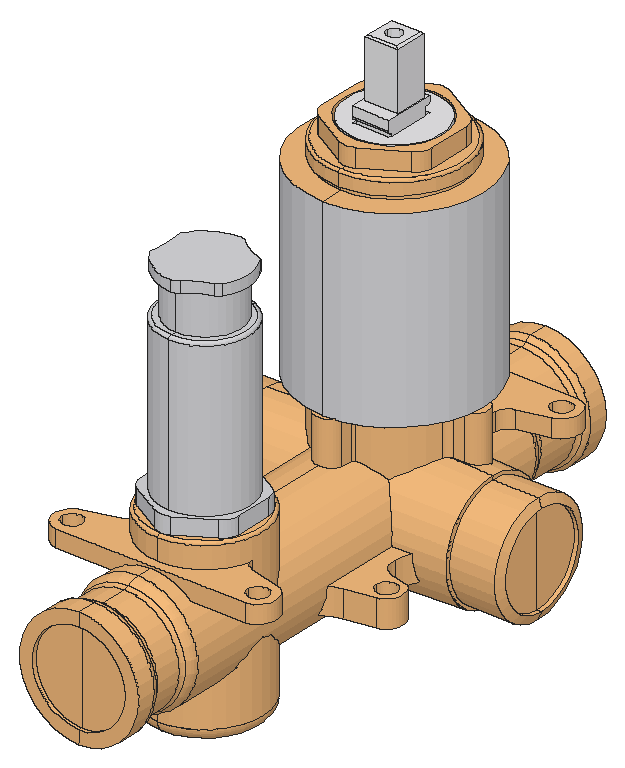
Revit family "Valve-Bath_and_Shower-KOHLER-KOHLER-K-882M", category Plumbing Fixtures, host Face, Revit 2017
Family settings
  Host = Face
  Round Connector Dimension = Use Diameter
  Part Type = Normal
  OmniClass Number = 23.27.31.00
  OmniClass Title = Valves
  Cut with Voids When Loaded = No
  Shared = No
  Room Calculation Point = No
Parameters (values of type "CP-Polished Chrome")
  Width = 3.46457"  # constant formula
  WaterSense Certified = 1 = 0  # no
  Waste Water Outlet = "Waste Water Outlet"  # constant formula
  Waste Connection = 1 = 0  # no
  Vent Connection = 1 = 0  # no
  URL = "https://la.kohler.com/en?country=MX"
  Tempered Water Outlet 2 = "Tempered Water Outlet 2"  # constant formula
  Tempered Water Outlet 1 = "Tempered Water Outlet 1"  # constant formula
  Product Page URL = "https://la.kohler.com/en/product-detail/882m?skuid=K-882M-CP"
  Product Name = "KOHLER"  # constant formula
  Product Documentation Link = "http://resources.kohler.com/plumbing/kohlerla/pdf/882SS.pdf"
  Pressure = 60.00 psi  # constant formula
  Model = "K-882M-CP"  # constant formula
  Material = "Solid Brass Construction"  # constant formula
  MasterFormat 2004 = "22.11.00"  # constant formula
  MasterFormat 1995 = "154300"  # constant formula
  Manufacturer Address = "444 Highland Dr, Kohler, WI 53044"  # constant formula
  Manufacturer = "KOHLER Co."  # constant formula
  Length = 5.3937"  # constant formula
  Hot Water Inlet = "Hot Water Inlet"  # constant formula
  Height = 6.29921"  # constant formula
  HW Connection = 1 = 1  # yes
  Flow Rate = 10.5 GPM  # constant formula
  Finish = Kohler-Metal-CP-Polished_Chrome
  Environmental Product Declaration = ""
  Description = "40mm bath and shower valve with diverter"  # constant formula
  Default Elevation = 36"
  Declare Label = ""
  Date Modified = "11/13/2020"  # constant formula
  Date Created = "11/13/2020"  # constant formula
  Copyright = "Copyright KOHLER Co."  # constant formula
  Contact Us = "https://la.kohler.com/en/contact-us-page"
  Cold Water Inlet = "Cold Water Inlet"  # constant formula
  CW Connection = 1 = 1  # yes
  Assembly Code = "D2020"
  ADA Compliant = 1 = 0  # no
Reference planes (in)
  plane 1 "Center (Front/Back)": y = 0
  plane 2: z = 0
  plane 3 "Center (Left/Right)": x = 0
  plane 4: z = -0.625
  plane 5: y = 2.04724
  plane 6: y = -4.25197
  plane 7: x = -1.73228
  plane 8: x = 1.73228
  plane 9: z = 2.64694
  plane 10: z = -2.74676
  plane 11: z = -0.20181
  plane 12: z = 0
  plane 13: y = -1.10236
  plane 14: y = -0.19685
Forms (in)
  Extrusion 1, void
    sketch origin (0, 0, 0) x (1, 0, 0) y (0, 1, 0)
      loop
        circle (0, 0) r 0.96457
      loop
        circle (-0.00072, -2.55906) r 0.5
    from -0.625 to 0
  Extrusion 2, void
    sketch origin (0, 0, 0) x (1, 0, 0) y (0, 1, 0)
      loop
        line (1.75197, 2.04724) -> (-1.75197, 2.04724) -> (-1.75197, -4.25197) -> (1.75197, -4.25197) -> (1.75197, 2.04724)
    from -2.74676 to -0.625
Dimensions and locks (in)
  host face to plane 4 = 5/8"
  "Height": plane 6 to plane 5
  "Width": plane 7 to plane 8
  "Length": plane 10 to plane 9
  equal spacing: plane 6, plane 13, plane 5
  aligned and locked: plane 2 to host face
  aligned and locked: level to host face
Automatic sketch dimensions
  host sketch curve to host sketch curve = 96"  (x2)
  plane 6 to Extrusion 2 sketch curve = 0"
  plane 5 to Extrusion 2 sketch curve = 0"
  Extrusion 2 sketch curve to plane 3 "Center (Left/Right)" = 1.75197"
  plane 3 "Center (Left/Right)" to Extrusion 2 sketch curve = 1.75197"
  plane 1 "Center (Front/Back)" to Extrusion 1 sketch curve = 0"
  Extrusion 1 sketch curve to plane 3 "Center (Left/Right)" = 0"
  Extrusion 1 sketch curve to plane 3 "Center (Left/Right)" = 0.00072"
  Extrusion 1 sketch curve to plane 6 = 1.69291"
  radius of Extrusion 1 sketch curve = 0.96457"
  radius of Extrusion 1 sketch curve = 1/2"
Nested families (in)
  nested 1: "K-882M" at (0, 0, -2.74676), type "K-882M"
Connectors (in)
  piping at (1.69543, -0.19685, -1.7428), diameter 0.5, driven by "Cold Water Inlet", driven by "Pressure", driven by "Flow Rate", driven by "CW Connection"
    settings: on nested 1, index 1, connector inside diameter 24", connector length 0", flow factor 0, pipe flow 10.5 GPM, pressure drop 60.00 psi, fitting loss kfactor 0, connector angle 0.00°, fixture units 0, engagement length 0", angle of deflection 0.00°, flow configuration 0, flow direction 1, fitting loss method 4, system type 20, joint type 0, gender type 0, connector reference index -1, connector utility 1, adjustable connector no, is connector primary yes, connector description "Cold Water Inlet"
  piping at (-1.69543, -0.19685, -1.7428), diameter 0.5, driven by "Hot Water Inlet", driven by "Flow Rate", driven by "Pressure", driven by "HW Connection"
    settings: on nested 1, index 2, connector inside diameter 24", connector length 0", flow factor 0, pipe flow 10.5 GPM, pressure drop 60.00 psi, fitting loss kfactor 0, connector angle 0.00°, fixture units 0, engagement length 0", angle of deflection 0.00°, flow configuration 1, flow direction 1, fitting loss method 4, system type 19, joint type 0, gender type 0, connector reference index -1, connector utility 1, adjustable connector no, is connector primary no, connector description "Hot Water Inlet"
  piping at (0, 2.00511, -1.72314), diameter 0.5, driven by "Flow Rate", driven by "Pressure", driven by "Tempered Water Outlet 1", driven by "HW Connection"
    settings: on nested 1, index 4, connector inside diameter 24", connector length 0", flow factor 0, pipe flow 10.5 GPM, pressure drop 60.00 psi, fitting loss kfactor 0, connector angle 0.00°, fixture units 0, engagement length 0", angle of deflection 0.00°, flow configuration 0, flow direction 2, fitting loss method 4, system type 19, joint type 0, gender type 0, connector reference index -1, connector utility 1, adjustable connector no, is connector primary no, connector description "Tempered Water Outlet 1"
  piping at (0, -4.21348, -1.72314), diameter 0.5, driven by "Tempered Water Outlet 2", driven by "HW Connection", driven by "Flow Rate", driven by "Pressure"
    settings: on nested 1, index 5, connector inside diameter 24", connector length 0", flow factor 0, pipe flow 10.5 GPM, pressure drop 60.00 psi, fitting loss kfactor 0, connector angle 0.00°, fixture units 0, engagement length 0", angle of deflection 0.00°, flow configuration 0, flow direction 2, fitting loss method 4, system type 19, joint type 0, gender type 0, connector reference index -1, connector utility 1, adjustable connector no, is connector primary no, connector description "Tempered Water Outlet 2"
Definition of nested family "K-882M"
  Parameters (values of type "K-882M")
    Material 1 = none
    Material = none
  Reference planes (in)
    plane 1 "Center (Front/Back)": y = 0
    plane 2: z = 0
    plane 3 "Center (Left/Right)": x = 0
    plane 4: y = 2.04724
    plane 5: y = -4.25197
    plane 6: z = 2.34189
    plane 7: z = 1.02362
    plane 8: z = 5.3937
    plane 9: y = -2.51969
    plane 10: x = 1.73228
    plane 11: x = -1.73228
    plane 12: y = -0.11811
    plane 13: z = 0
    plane 14: z = 2.74676
    plane 15: z = 2.74676
  Forms (in)
    Revolve 1, solid, material <- "Material", detail levels medium+fine
      sketch origin (0, 0, 0) x (0, 1, 0) y (0, 0, 1)
        loop
          arc (1.11258, 0.3827) -> (1.13799, 0.38805) -> (1.15908, 0.40319) r 0.06299
          arc (1.15908, 0.40319) -> (1.20241, 0.43432) -> (1.25462, 0.44531) r 0.12944
          line (1.25462, 0.44531) -> (1.72233, 0.44531)
          arc (1.72233, 0.44531) -> (1.75417, 0.43776) -> (1.77922, 0.4167) r 0.07087
          arc (1.77922, 0.4167) -> (1.80899, 0.39168) -> (1.84682, 0.3827) r 0.0842
          line (1.84682, 0.3827) -> (2.04724, 0.3827) -> (2.04724, 0.52362) -> (2.00511, 0.52362) -> (2.00511, 1.02362) -> (-4.21348, 1.02362) -> (-4.21348, 0.52362) -> (-4.25197, 0.52362) -> (-4.25197, 0.3827) -> (-4.04338, 0.3827)
          arc (-4.04338, 0.3827) -> (-4.01018, 0.39059) -> (-3.98409, 0.41259) r 0.07374
          arc (-3.98409, 0.41259) -> (-3.95762, 0.43491) -> (-3.92394, 0.44292) r 0.0748
          line (-3.92394, 0.44292) -> (-3.63294, 0.44292)
          arc (-3.63294, 0.44292) -> (-3.6039, 0.43817) -> (-3.5779, 0.42439) r 0.09099
          arc (-3.5779, 0.42439) -> (-3.5194, 0.3934) -> (-3.45407, 0.3827) r 0.20472
          line (-3.45407, 0.3827) -> (1.11258, 0.3827)
        axis (2.04724, 1.02362) -> (-4.25197, 1.02362)
      angle from 0 to 360
    Revolve 2, solid, material <- "Material", detail levels medium+fine
      sketch origin (0, -0.19685, 0.00383) x (1, 0, 0) y (0, 0, 1)
        loop
          line (-1.71359, 0.41058) -> (-1.22047, 0.41058) -> (-1.22047, 0.37356)
          arc (-1.22047, 0.37356) -> (-0.61061, 0.3416) -> (0, 0.33094) r 17.49619
          arc (0, 0.33094) -> (0.61061, 0.3416) -> (1.22047, 0.37356) r 17.49619
          line (1.22047, 0.37356) -> (1.22047, 0.41058) -> (1.71359, 0.41058) -> (1.75197, 0.50013) -> (1.69543, 0.50013) -> (1.69543, 1.00013) -> (0, 1.00013) -> (-1.69543, 1.00013) -> (-1.69543, 0.50013) -> (-1.75197, 0.50013) -> (-1.71359, 0.41058)
        axis (1.75197, 1.00013) -> (-1.75197, 1.00013)
      angle from 0 to 360
    Revolve 3, solid, material <- "Material", detail levels medium+fine
      sketch origin (0, 0, 0) x (0, 1, 0) y (0, 0, 1)
        loop
          line (-0.96457, 2.12176) -> (0, 2.12176) -> (0, 4.39777) -> (-0.72297, 4.39777)
          arc (-0.72297, 4.39777) -> (-0.74219, 4.38981) -> (-0.75015, 4.37059) r 0.02718
          line (-0.75015, 4.37059) -> (-0.75015, 4.24071) -> (-0.71606, 4.24071) -> (-0.71606, 4.18911) -> (-0.96457, 4.18911) -> (-0.96457, 2.12176)
        axis (0, 2.12176) -> (0, 4.39777)
      angle from 0 to 360
    Extrusion 4, solid, material <- "Material", detail levels medium+fine
      sketch origin (0, 0, 0) x (1, 0, 0) y (0, 1, 0)
        loop
          arc (-0.09055, -0.62963) -> (0, -0.65389) -> (0.09055, -0.62963) r 0.1811
          line (0.09055, -0.62963) -> (0.5, -0.39323)
          arc (0.5, -0.39323) -> (0.56629, -0.32695) -> (0.59055, -0.2364) r 0.1811
          line (0.59055, -0.2364) -> (0.59055, 0.2364)
          arc (0.59055, 0.2364) -> (0.56629, 0.32695) -> (0.5, 0.39323) r 0.1811
          line (0.5, 0.39323) -> (0.09055, 0.62963)
          arc (0.09055, 0.62963) -> (0, 0.65389) -> (-0.09055, 0.62963) r 0.1811
          line (-0.09055, 0.62963) -> (-0.5, 0.39323)
          arc (-0.5, 0.39323) -> (-0.56629, 0.32695) -> (-0.59055, 0.2364) r 0.1811
          line (-0.59055, 0.2364) -> (-0.59055, -0.23542)
          arc (-0.59055, -0.23542) -> (-0.56606, -0.32682) -> (-0.49915, -0.39372) r 0.18279
          line (-0.49915, -0.39372) -> (-0.09055, -0.62963)
        loop
          circle (0, 0) r 0.52762
      from 4.39777 to 4.59462
    Extrusion 5, solid, material <- "Material", detail levels medium+fine
      sketch origin (0, 0, 0) x (1, 0, 0) y (0, 1, 0)
        loop
          line (-0.53024, -2.35335) -> (-0.53024, -2.76466)
          arc (-0.53024, -2.76466) -> (-0.50701, -2.85137) -> (-0.44354, -2.91483) r 0.1734
          line (-0.44354, -2.91483) -> (-0.08733, -3.12049)
          arc (-0.08733, -3.12049) -> (-0.00072, -3.1437) -> (0.0859, -3.12049) r 0.17323
          line (0.0859, -3.12049) -> (0.4422, -2.91478)
          arc (0.4422, -2.91478) -> (0.5056, -2.85138) -> (0.52881, -2.76476) r 0.17323
          line (0.52881, -2.76476) -> (0.52881, -2.35335)
          arc (0.52881, -2.35335) -> (0.5056, -2.26673) -> (0.4422, -2.20333) r 0.17323
          line (0.4422, -2.20333) -> (0.0859, -1.99762)
          arc (0.0859, -1.99762) -> (-0.00072, -1.97441) -> (-0.08733, -1.99762) r 0.17323
          line (-0.08733, -1.99762) -> (-0.44363, -2.20333)
          arc (-0.44363, -2.20333) -> (-0.50704, -2.26673) -> (-0.53024, -2.35335) r 0.17323
      from 1.94501 to 2.12176
    Revolve 6, solid, material <- "Material", detail levels medium+fine
      sketch origin (0, 0, 0) x (0, 1, 0) y (0, 0, 1)
        loop
          line (-2.55906, 0) -> (-2.06588, 0)
          arc (-2.06588, 0) -> (-1.9694, 0.03996) -> (-1.92944, 0.13645) r 0.13645
          line (-1.92944, 0.13645) -> (-1.92944, 1.91474)
          arc (-1.92944, 1.91474) -> (-1.93834, 1.93624) -> (-1.95984, 1.94514) r 0.0304
          line (-1.95984, 1.94514) -> (-2.07556, 1.94514) -> (-2.07556, 3.76131)
          arc (-2.07556, 3.76131) -> (-2.08541, 3.78509) -> (-2.10919, 3.79494) r 0.03363
          line (-2.10919, 3.79494) -> (-2.17238, 3.79494) -> (-2.17238, 4.22989) -> (-2.55906, 4.22989) -> (-2.55906, 0)
        axis (-2.55906, 0) -> (-2.55906, 4.22989)
      angle from 0 to 360
    Extrusion 7, solid, material <- "Material", detail levels medium+fine
      sketch origin (0, 0, 0) x (1, 0, 0) y (0, 1, 0)
        loop
          arc (-0.42645, -2.70965) -> (-0.42642, -2.74906) -> (-0.41243, -2.7859) r 0.10941
          arc (-0.41243, -2.7859) -> (-0.23298, -2.96206) -> (0.00904, -3.03034) r 0.50706
          arc (0.00904, -3.03034) -> (0.04843, -3.02351) -> (0.08222, -3.00213) r 0.10255
          arc (0.08222, -3.00213) -> (0.20357, -2.91174) -> (0.34296, -2.85285) r 0.63082
          arc (0.34296, -2.85285) -> (0.37297, -2.83808) -> (0.39595, -2.81377) r 0.09449
          arc (0.39595, -2.81377) -> (0.47201, -2.5587) -> (0.39595, -2.30363) r 0.46575
          arc (0.39595, -2.30363) -> (0.37297, -2.27933) -> (0.34296, -2.26456) r 0.09449
          arc (0.34296, -2.26456) -> (0.20357, -2.20567) -> (0.08222, -2.11528) r 0.63082
          arc (0.08222, -2.11528) -> (0.04843, -2.0939) -> (0.00904, -2.08706) r 0.10255
          arc (0.00904, -2.08706) -> (-0.23298, -2.15534) -> (-0.41243, -2.3315) r 0.50706
          arc (-0.41243, -2.3315) -> (-0.42642, -2.36834) -> (-0.42645, -2.40776) r 0.10941
          arc (-0.42645, -2.40776) -> (-0.41281, -2.5587) -> (-0.42645, -2.70965) r 0.84182
      from 4.22989 to 4.34285
    Extrusion 8, solid, material <- "Material", detail levels medium+fine
      sketch origin (0, 0, 0) x (1, 0, 0) y (0, 1, 0)
        loop
          arc (-0.71199, -0.23624) -> (-0.51227, -0.548) -> (-0.18776, -0.72628) r 0.75015
          arc (-0.18776, -0.72628) -> (-0.17256, -0.74119) -> (-0.16542, -0.76125) r 0.04743
          line (-0.16542, -0.76125) -> (-0.15054, -0.88925)
          arc (-0.15054, -0.88925) -> (-0.00115, -1.01892) -> (0.14148, -0.88185) r 0.14666
          line (0.14148, -0.88185) -> (0.14876, -0.77012)
          arc (0.14876, -0.77012) -> (0.15259, -0.75056) -> (0.16127, -0.73261) r 0.07785
          arc (0.16127, -0.73261) -> (0.50224, -0.55722) -> (0.71199, -0.23624) r 0.75015
          arc (0.71199, -0.23624) -> (0.73828, -0.19914) -> (0.78081, -0.18307) r 0.07785
          line (0.78081, -0.18307) -> (0.9034, -0.17508)
          arc (0.9034, -0.17508) -> (1.03954, -0.0334) -> (0.91074, 0.11498) r 0.14567
          line (0.91074, 0.11498) -> (0.77194, 0.13111)
          arc (0.77194, 0.13111) -> (0.74577, 0.1429) -> (0.73118, 0.16763) r 0.04743
          arc (0.73118, 0.16763) -> (0.53872, 0.52202) -> (0.19056, 0.72555) r 0.75015
          arc (0.19056, 0.72555) -> (0.16126, 0.75207) -> (0.14876, 0.78957) r 0.07785
          line (0.14876, 0.78957) -> (0.14077, 0.91215)
          arc (0.14077, 0.91215) -> (-0.0009, 1.0483) -> (-0.14928, 0.9195) r 0.14567
          line (-0.14928, 0.9195) -> (-0.16542, 0.7807)
          arc (-0.16542, 0.7807) -> (-0.18097, 0.74298) -> (-0.21397, 0.71899) r 0.07499
          arc (-0.21397, 0.71899) -> (-0.54711, 0.51322) -> (-0.73118, 0.16763) r 0.75015
          arc (-0.73118, 0.16763) -> (-0.74577, 0.1429) -> (-0.77194, 0.13111) r 0.04743
          line (-0.77194, 0.13111) -> (-0.91074, 0.11498)
          arc (-0.91074, 0.11498) -> (-1.03954, -0.0334) -> (-0.9034, -0.17508) r 0.14567
          line (-0.9034, -0.17508) -> (-0.78081, -0.18307)
          arc (-0.78081, -0.18307) -> (-0.73828, -0.19914) -> (-0.71199, -0.23624) r 0.07785
      from 1.23934 to 2.12176
    Extrusion 9, solid, detail levels medium+fine
      sketch origin (0, 0, 0) x (1, 0, 0) y (0, 1, 0)
        loop
          line (-0.17717, -0.17717) -> (0.17717, -0.17717) -> (0.17717, 0.17717) -> (-0.17717, 0.17717) -> (-0.17717, -0.17717)
      from 4.39777 to 5.37031
    Blend 10, solid, detail levels medium+fine
      base sketch origin (0, 0, 0) x (1, 0, 0) y (0, 1, 0)
        loop
          line (0.17717, -0.17717) -> (0.17717, 0.17717) -> (-0.17717, 0.17717) -> (-0.17717, -0.17717) -> (0.17717, -0.17717)
      top sketch origin (0, 0, 0) x (1, 0, 0) y (0, 1, 0)
        loop
          line (0.15748, -0.15748) -> (0.15748, 0.15748) -> (-0.15748, 0.15748) -> (-0.15748, -0.15748) -> (0.15748, -0.15748)
      from 5.37031 to 5.3937
    Extrusion 11, void
      sketch origin (0, 0, 0) x (1, 0, 0) y (0, 1, 0)
        loop
          circle (0, 0) r 0.0825
      from 4.8642 to 5.46591
    Extrusion 12, solid, detail levels medium+fine
      sketch origin (0, 0, 0) x (0, 1, 0) y (0, 0, 1)
        loop
          line (0.22835, 4.75997) -> (-0.3189, 4.75997) -> (-0.3189, 4.65171)
          arc (-0.3189, 4.65171) -> (-0.31255, 4.63637) -> (-0.29721, 4.63002) r 0.02169
          arc (-0.29721, 4.63002) -> (-0.2831, 4.62372) -> (-0.27837, 4.60901) r 0.01895
          line (-0.27837, 4.60901) -> (-0.27837, 4.38317) -> (0.16535, 4.38317) -> (0.16535, 4.68123) -> (0.20219, 4.68123)
          arc (0.20219, 4.68123) -> (0.22069, 4.68889) -> (0.22835, 4.70739) r 0.02616
          line (0.22835, 4.70739) -> (0.22835, 4.75997)
      from -0.19685 to 0.19685
    Extrusion 13, solid, material <- "Material", detail levels medium+fine
      sketch origin (0, 0, 0) x (1, 0, 0) y (0, 1, 0)
        loop
          line (-0.70543, -2.80677) -> (-1.05419, -2.90022)
          arc (-1.05419, -2.90022) -> (-1.19948, -3.1059) -> (-1.02365, -3.28616) r 0.19685
          arc (-1.02365, -3.28616) -> (0, -3.33934) -> (1.02365, -3.28616) r 9.87756
          arc (1.02365, -3.28616) -> (1.19948, -3.1059) -> (1.05419, -2.90022) r 0.19685
          line (1.05419, -2.90022) -> (0.70543, -2.80677)
          arc (0.70543, -2.80677) -> (0.64168, -2.7651) -> (0.61504, -2.69374) r 0.12208
          line (0.61504, -2.69374) -> (0, -2.69374) -> (-0.61504, -2.69374)
          arc (-0.61504, -2.69374) -> (-0.64168, -2.7651) -> (-0.70543, -2.80677) r 0.12208
        loop
          circle (-1.00394, -3.09055) r 0.11001
        loop
          circle (1.00394, -3.09055) r 0.11001
        loop
          arc (-0.72617, 0.72495) -> (-0.64711, 0.67212) -> (-0.61655, 0.58209) r 0.1479
          line (-0.61655, 0.58209) -> (-0.61655, 0.13899) -> (0.61655, 0.13899) -> (0.61655, 0.59039)
          arc (0.61655, 0.59039) -> (0.64487, 0.67384) -> (0.71815, 0.7228) r 0.13708
          line (0.71815, 0.7228) -> (1.05419, 0.81284)
          arc (1.05419, 0.81284) -> (1.19948, 1.01852) -> (1.02365, 1.19878) r 0.19685
          arc (1.02365, 1.19878) -> (0, 1.25196) -> (-1.02365, 1.19878) r 9.87756
          arc (-1.02365, 1.19878) -> (-1.19948, 1.01852) -> (-1.05419, 0.81284) r 0.19685
          line (-1.05419, 0.81284) -> (-0.72617, 0.72495)
        loop
          circle (-1.00394, 1.00317) r 0.11001
        loop
          circle (1.00394, 1.00317) r 0.11001
      from 1.49856 to 1.68911
    Extrusion 14, solid, material <- "Material", detail levels medium+fine
      sketch origin (0, 0, 0) x (1, 0, 0) y (0, 1, 0)
        loop
          arc (-0.77809, -1.66714) -> (-0.62886, -1.7196) -> (-0.50438, -1.8172) r 0.48594
          line (-0.50438, -1.8172) -> (0, -1.8172) -> (0.50438, -1.8172)
          arc (0.50438, -1.8172) -> (0.62886, -1.7196) -> (0.77809, -1.66714) r 0.48594
          line (0.77809, -1.66714) -> (1.09579, -1.61112)
          arc (1.09579, -1.61112) -> (1.24189, -1.43701) -> (1.09579, -1.26289) r 0.1768
          line (1.09579, -1.26289) -> (0.99504, -1.24513)
          arc (0.99504, -1.24513) -> (0.86168, -1.16512) -> (0.81591, -1.01649) r 0.21736
          arc (0.81591, -1.01649) -> (0.85675, -0.83808) -> (0.95095, -0.68116) r 0.58217
          line (0.95095, -0.68116) -> (0.95095, -0.58717) -> (0, -0.58717) -> (-0.95095, -0.58717) -> (-0.95095, -0.68116)
          arc (-0.95095, -0.68116) -> (-0.85675, -0.83808) -> (-0.81591, -1.01649) r 0.58217
          arc (-0.81591, -1.01649) -> (-0.86168, -1.16512) -> (-0.99504, -1.24513) r 0.21736
          line (-0.99504, -1.24513) -> (-1.09579, -1.26289)
          arc (-1.09579, -1.26289) -> (-1.24189, -1.43701) -> (-1.09579, -1.61112) r 0.1768
          line (-1.09579, -1.61112) -> (-0.77809, -1.66714)
        loop
          circle (-1.06509, -1.43701) r 0.11167
        loop
          circle (1.06509, -1.43701) r 0.11167
      from 0.73663 to 1.02835
    Extrusion 15, solid, detail levels medium+fine
      sketch origin (0, 0, 0) x (1, 0, 0) y (0, 1, 0)
        loop
          circle (0, 0) r 0.50632
        loop
          line (0.19685, -0.3189) -> (0.19685, 0.22835) -> (-0.19685, 0.22835) -> (-0.19685, -0.3189) -> (0.19685, -0.3189)
      from 4.39777 to 4.59462
    Extrusion 16, solid, material <- "Material", detail levels coarse
      sketch origin (0, 0, 0) x (1, 0, 0) y (0, 0, 1)
        loop
          circle (0, 1.02362) r 0.71646
      from -2.04724 to 4.25197
    Extrusion 17, solid, material <- "Material", detail levels coarse
      sketch origin (0, 0, 0) x (0, 1, 0) y (0, 0, 1)
        loop
          circle (-0.19685, 1.00396) r 0.62657
      from -1.75197 to 1.75197
    Revolve 18, solid, material <- "Material", detail levels coarse
      sketch origin (0, 0, 0) x (0, 1, 0) y (0, 0, 1)
        loop
          line (-0.96457, 2.02017) -> (-0.73261, 2.02017) -> (-0.73261, 1.52982) -> (0, 1.52982) -> (0, 4.59462) -> (-0.64182, 4.59462) -> (-0.64182, 4.38596) -> (-0.76772, 4.38596) -> (-0.76772, 4.18911) -> (-0.96457, 4.18911) -> (-0.96457, 2.02017)
        axis (0, 4.59462) -> (0, 1.52982)
      angle from 0 to 360
    Extrusion 19, solid, material <- "Material", detail levels coarse
      sketch origin (0, 0, 0) x (1, 0, 0) y (0, 1, 0)
        loop
          circle (0, -2.55906) r 0.64665
      from 1.02231 to 4.34285
    Extrusion 20, solid, material <- "Material", detail levels coarse
      sketch origin (0, 0, 0) x (1, 0, 0) y (0, 1, 0)
        loop
          line (-0.19685, -0.3189) -> (0.19685, -0.3189) -> (0.19685, 0.22835) -> (-0.19685, 0.22835) -> (-0.19685, -0.3189)
      from 4.59462 to 5.3937
    Extrusion 21, solid, material <- "Material", detail levels coarse
      sketch origin (0, 0, -2.3622) x (1, 0, 0) y (0, 1, 0)
        loop
          circle (0, -2.55906) r 0.64665
      from 2.36812 to 3.39056
  Cuts and joins
    Extrusion 11 cuts Extrusion 9
    Extrusion 11 cuts Blend 10
    joined: Extrusion 9, Blend 10
    joined: Extrusion 16, Extrusion 17, Revolve 18, Extrusion 19, Extrusion 20, Extrusion 21
  Lines and regions (in)
    Masking region 1
      outline origin (0, 0, 0) x (1, 0, 0) y (0, 1, 0)
        loop
          circle (0, 0) r 0.75015
        loop
          line (0.4422, -2.20333) -> (0.0859, -1.99762)
          arc (0.0859, -1.99762) -> (-0.00072, -1.97441) -> (-0.08733, -1.99762) r 0.17323
          line (-0.08733, -1.99762) -> (-0.44363, -2.20333)
          arc (-0.44363, -2.20333) -> (-0.50704, -2.26673) -> (-0.53024, -2.35335) r 0.17323
          line (-0.53024, -2.35335) -> (-0.53024, -2.76466)
          arc (-0.53024, -2.76466) -> (-0.50701, -2.85137) -> (-0.44354, -2.91483) r 0.1734
          line (-0.44354, -2.91483) -> (-0.08733, -3.12049)
          arc (-0.08733, -3.12049) -> (-0.00072, -3.1437) -> (0.0859, -3.12049) r 0.17323
          line (0.0859, -3.12049) -> (0.4422, -2.91478)
          arc (0.4422, -2.91478) -> (0.5056, -2.85138) -> (0.52881, -2.76476) r 0.17323
          line (0.52881, -2.76476) -> (0.52881, -2.35335)
          arc (0.52881, -2.35335) -> (0.5056, -2.26673) -> (0.4422, -2.20333) r 0.17323
    Masking region 2
      outline origin (0, 0, 0) x (1, 0, 0) y (0, 0, 1)
        loop
          line (0, 5.3937) -> (-0.15748, 5.3937) -> (-0.17937, 5.36761) -> (-0.17937, 4.75997) -> (-0.2108, 4.75997) -> (-0.2108, 4.59462) -> (-0.59055, 4.59462) -> (-0.59055, 4.39777) -> (-0.7212, 4.39777)
          arc (-0.7212, 4.39777) -> (-0.74167, 4.38929) -> (-0.75015, 4.36882) r 0.02895
          line (-0.75015, 4.36882) -> (-0.75015, 4.24071) -> (-0.71606, 4.24071) -> (-0.71606, 4.18911) -> (-0.96377, 4.18911) -> (-0.96377, 2.74676) -> (0.96377, 2.74676) -> (0.96377, 4.18911) -> (0.71606, 4.18911) -> (0.71606, 4.24071) -> (0.75015, 4.24071) -> (0.75015, 4.36882)
          arc (0.75015, 4.36882) -> (0.74167, 4.38929) -> (0.7212, 4.39777) r 0.02895
          line (0.7212, 4.39777) -> (0.59055, 4.39777) -> (0.59055, 4.59462) -> (0.2108, 4.59462) -> (0.2108, 4.75997) -> (0.17937, 4.75997) -> (0.17937, 5.36761) -> (0.15748, 5.3937) -> (0, 5.3937)
    Masking region 3
      outline origin (0, 0, 0) x (0, 1, 0) y (0, 0, 1)
        loop
          line (2.04724, 0.3827) -> (2.04724, 1.66455) -> (1.85039, 1.66455)
          arc (1.85039, 1.66455) -> (1.80891, 1.65421) -> (1.77714, 1.6256) r 0.08836
          arc (1.77714, 1.6256) -> (1.75389, 1.60585) -> (1.72376, 1.60105) r 0.05656
          line (1.72376, 1.60105) -> (1.25296, 1.60105) -> (1.25296, 1.68911) -> (1.04858, 1.68911) -> (1.04858, 2.12176) -> (0.96457, 2.12176) -> (0.96457, 4.18911) -> (0.71606, 4.18911) -> (0.71606, 4.24071) -> (0.75015, 4.24071) -> (0.75015, 4.37082)
          arc (0.75015, 4.37082) -> (0.74226, 4.38988) -> (0.7232, 4.39777) r 0.02695
          line (0.7232, 4.39777) -> (0.65389, 4.39777) -> (0.65389, 4.59462) -> (0.17717, 4.59462) -> (0.17717, 4.68123) -> (0.20835, 4.68123)
          arc (0.20835, 4.68123) -> (0.22249, 4.68709) -> (0.22835, 4.70123) r 0.02
          line (0.22835, 4.70123) -> (0.22835, 4.75997) -> (0.17717, 4.75997) -> (0.17717, 5.37031) -> (0.15378, 5.3937) -> (-0.14929, 5.3937) -> (-0.17717, 5.37031) -> (-0.17717, 4.75997) -> (-0.3189, 4.75997) -> (-0.3189, 4.65171)
          arc (-0.3189, 4.65171) -> (-0.31255, 4.63637) -> (-0.29721, 4.63002) r 0.02169
          arc (-0.29721, 4.63002) -> (-0.2789, 4.61594) -> (-0.2878, 4.59462) r 0.01895
          line (-0.2878, 4.59462) -> (-0.65389, 4.59462) -> (-0.65389, 4.39777) -> (-0.72339, 4.39777)
          arc (-0.72339, 4.39777) -> (-0.74231, 4.38993) -> (-0.75015, 4.371) r 0.02677
          line (-0.75015, 4.371) -> (-0.75015, 4.24071) -> (-0.71606, 4.24071) -> (-0.71606, 4.18911) -> (-0.96457, 4.18911) -> (-0.96457, 2.12176) -> (-1.01897, 2.12176) -> (-1.01897, 1.66406) -> (-1.92728, 1.66406) -> (-1.92728, 1.94501) -> (-1.97441, 1.94501) -> (-1.97441, 2.12176) -> (-2.07773, 2.12176) -> (-2.07773, 3.75617)
          arc (-2.07773, 3.75617) -> (-2.08614, 3.78035) -> (-2.10774, 3.79408) r 0.03894
          line (-2.10774, 3.79408) -> (-2.17232, 3.79408) -> (-2.17232, 4.22989) -> (-2.08703, 4.22989) -> (-2.08706, 4.34285) -> (-3.03034, 4.34285) -> (-3.03034, 4.22989) -> (-2.94573, 4.22989) -> (-2.94573, 3.79494) -> (-3.00959, 3.79494)
          arc (-3.00959, 3.79494) -> (-3.03273, 3.78535) -> (-3.04232, 3.7622) r 0.03273
          line (-3.04232, 3.7622) -> (-3.04232, 2.12176) -> (-3.1437, 2.12176) -> (-3.1437, 1.94501)
          arc (-3.1437, 1.94501) -> (-3.17328, 1.93965) -> (-3.18844, 1.91369) r 0.03594
          line (-3.18844, 1.91369) -> (-3.18844, 1.68911) -> (-3.33934, 1.68911) -> (-3.33934, 1.65685) -> (-3.47245, 1.65685)
          arc (-3.47245, 1.65685) -> (-3.51716, 1.65054) -> (-3.55838, 1.6321) r 0.1615
          arc (-3.55838, 1.6321) -> (-3.58993, 1.61152) -> (-3.62691, 1.60431) r 0.0984
          line (-3.62691, 1.60431) -> (-3.92205, 1.60431)
          arc (-3.92205, 1.60431) -> (-3.95646, 1.61215) -> (-3.98408, 1.63412) r 0.07944
          arc (-3.98408, 1.63412) -> (-4.01588, 1.65833) -> (-4.05533, 1.66469) r 0.08224
          line (-4.05533, 1.66469) -> (-4.25197, 1.66469) -> (-4.25197, 1.02362) -> (-4.25197, 0.38255) -> (-4.05533, 0.38255)
          arc (-4.05533, 0.38255) -> (-4.01588, 0.38892) -> (-3.98408, 0.41312) r 0.08224
          arc (-3.98408, 0.41312) -> (-3.95646, 0.4351) -> (-3.92205, 0.44294) r 0.07944
          line (-3.92205, 0.44294) -> (-3.62691, 0.44294)
          arc (-3.62691, 0.44294) -> (-3.58247, 0.43233) -> (-3.54761, 0.40279) r 0.0984
          arc (-3.54761, 0.40279) -> (-3.51116, 0.38895) -> (-3.47245, 0.38424) r 0.1615
          line (-3.47245, 0.38424) -> (-3.18493, 0.38424) -> (-3.18493, 0.13931)
          arc (-3.18493, 0.13931) -> (-3.14413, 0.0408) -> (-3.04562, 0) r 0.13931
          line (-3.04562, 0) -> (-2.07066, 0)
          arc (-2.07066, 0) -> (-1.96994, 0.04172) -> (-1.92822, 0.14244) r 0.14244
          line (-1.92822, 0.14244) -> (-1.92822, 0.38424) -> (-0.28926, 0.38424)
          arc (-0.28926, 0.38424) -> (-0.19685, 0.37739) -> (-0.10444, 0.38424) r 0.62657
          line (-0.10444, 0.38424) -> (1.09728, 0.38424)
          arc (1.09728, 0.38424) -> (1.13339, 0.38624) -> (1.16248, 0.40772) r 0.06316
          arc (1.16248, 0.40772) -> (1.19579, 0.43547) -> (1.23798, 0.44542) r 0.09444
          line (1.23798, 0.44542) -> (1.7199, 0.44542)
          arc (1.7199, 0.44542) -> (1.75363, 0.43766) -> (1.77972, 0.4149) r 0.07121
          arc (1.77972, 0.4149) -> (1.80659, 0.39123) -> (1.84137, 0.3827) r 0.07511
          line (1.84137, 0.3827) -> (2.04724, 0.3827)
    Masking region 4, detail levels medium+fine
      outline origin (0, 0, 0) x (1, 0, 0) y (0, 0, 1)
        loop
          line (0.96377, 2.12176) -> (0.96377, 2.74676) -> (-0.96377, 2.74676) -> (-0.96377, 2.12176) -> (-1.03959, 2.12176) -> (-1.03959, 1.68911) -> (-1.18203, 1.68911) -> (-1.18203, 1.63242) -> (-1.22047, 1.63242) -> (-1.22047, 1.59366) -> (-1.71359, 1.59366) -> (-1.73228, 1.55358) -> (-1.73228, 0.46575) -> (-1.71359, 0.41441) -> (-1.22047, 0.41441) -> (-1.22047, 0.37739) -> (-0.63073, 0.34648) -> (-0.63073, 0.14135)
          arc (-0.63073, 0.14135) -> (-0.58933, 0.0414) -> (-0.48938, 0) r 0.14135
          line (-0.48938, 0) -> (0, 0) -> (0.48938, 0)
          arc (0.48938, 0) -> (0.58933, 0.0414) -> (0.63073, 0.14135) r 0.14135
          line (0.63073, 0.14135) -> (0.63073, 0.34648) -> (1.22047, 0.37739) -> (1.22047, 0.41441) -> (1.71359, 0.41441) -> (1.73228, 0.46575) -> (1.73228, 1.55358) -> (1.71359, 1.59366) -> (1.22047, 1.59366) -> (1.22047, 1.63242) -> (1.18203, 1.63242) -> (1.18203, 1.68911) -> (1.03959, 1.68911) -> (1.03959, 2.12176) -> (0.96377, 2.12176)
    symbolic lines, detail levels medium+fine
      curve 1: line (-0.09055, 0.62963, 0) -> (-0.5, 0.39323, 0)
      curve 2: arc (-0.5, 0.39323, 0) -> (-0.56629, 0.32695, 0) -> (-0.59055, 0.2364, 0) r 0.1811
      curve 3: line (-0.59055, 0.2364, 0) -> (-0.59055, -0.23542, 0)
      curve 4: arc (-0.59055, -0.23542, 0) -> (-0.56606, -0.32682, 0) -> (-0.49915, -0.39372, 0) r 0.18279
      curve 5: line (-0.49915, -0.39372, 0) -> (-0.09055, -0.62963, 0)
      curve 6: arc (-0.09055, -0.62963, 0) -> (0, -0.65389, 0) -> (0.09055, -0.62963, 0) r 0.1811
      curve 7: line (0.09055, -0.62963, 0) -> (0.5, -0.39323, 0)
      curve 8: arc (0.5, -0.39323, 0) -> (0.56629, -0.32695, 0) -> (0.59055, -0.2364, 0) r 0.1811
      curve 9: line (0.59055, -0.2364, 0) -> (0.59055, 0.2364, 0)
      curve 10: arc (0.59055, 0.2364, 0) -> (0.56629, 0.32695, 0) -> (0.5, 0.39323, 0) r 0.1811
      curve 11: line (0.5, 0.39323, 0) -> (0.09055, 0.62963, 0)
      curve 12: arc (0.09055, 0.62963, 0) -> (0, 0.65389, 0) -> (-0.09055, 0.62963, 0) r 0.1811
      curve 13: arc (0, -0.71606, 0) -> (-0.71606, 0, 0) -> (0, 0.71606, 0) r 0.71606
      curve 14: arc (0, 0.71606, 0) -> (0.71606, 0, 0) -> (0, -0.71606, 0) r 0.71606
      curve 15: arc (0.50632, 0, 0) -> (0, 0.50632, 0) -> (-0.50632, 0, 0) r 0.50632
      curve 16: arc (-0.50632, 0, 0) -> (0, -0.50632, 0) -> (0.50632, 0, 0) r 0.50632
      curve 17: circle (0, 0, 0) r 0.59055 normal (0, 0, 1)
      curve 18: circle (0, 0, 0) r 0.57139 normal (0, 0, 1)
      curve 19: line (0.19685, 0.22835, 0) -> (-0.19685, 0.22835, 0)
      curve 20: line (-0.19685, 0.22835, 0) -> (-0.19685, -0.3189, 0)
      curve 21: line (-0.19685, -0.3189, 0) -> (0.19685, -0.3189, 0)
      curve 22: line (0.19685, -0.3189, 0) -> (0.19685, 0.22835, 0)
      curve 23: line (-0.15748, 0.15748, 0) -> (-0.15748, -0.15748, 0)
      curve 24: line (-0.15748, -0.15748, 0) -> (0.15748, -0.15748, 0)
      curve 25: line (0.15748, -0.15748, 0) -> (0.15748, 0.15748, 0)
      curve 26: line (0.15748, 0.15748, 0) -> (-0.15748, 0.15748, 0)
      curve 27: arc (0.0825, 0, 0) -> (0, 0.0825, 0) -> (-0.0825, 0, 0) r 0.0825
      curve 28: arc (-0.0825, 0, 0) -> (0, -0.0825, 0) -> (0.0825, 0, 0) r 0.0825
      curve 29: line (0.19685, 0.16535, 0) -> (-0.19685, 0.16535, 0)
      curve 30: line (-0.19685, -0.17717, 0) -> (0.19685, -0.17717, 0)
      curve 31: circle (0, -2.559, 0) r 0.53024 normal (0, 0, 1)
      curve 32: circle (0, -2.559, 0) r 0.46607 normal (0, 0, 1)
      curve 33: arc (-0.43142, -2.38266, 0) -> (-0.41281, -2.55891, 0) -> (-0.43151, -2.73514, 0) r 0.84182
      curve 34: arc (0.06346, -3.02073, 0) -> (0.20282, -2.91216, 0) -> (0.36683, -2.8465, 0) r 0.63082
      curve 35: arc (0.36624, -2.27076, 0) -> (0.20298, -2.20533, 0) -> (0.06413, -2.09737, 0) r 0.63082
      curve 36: line (0.71606, 0, 4.18911) -> (-0.71606, 0, 4.18911)
      curve 37: line (-0.71606, 0, 4.24071) -> (0.71606, 0, 4.24071)
      curve 38: line (0.59055, 0, 4.39777) -> (-0.59055, 0, 4.39777)
      curve 39: line (-0.2108, 0, 4.59462) -> (0.2108, 0, 4.59462)
      curve 40: line (0.2108, 0, 4.68123) -> (-0.2108, 0, 4.68123)
      curve 41: line (0.19685, 0, 4.68123) -> (0.19685, 0, 4.59462)
      curve 42: line (-0.19685, 0, 4.68123) -> (-0.19685, 0, 4.59462)
      curve 43: line (0.17937, 0, 5.36761) -> (-0.17937, 0, 5.36761)
      curve 44: line (0.17937, 0, 4.75997) -> (-0.17937, 0, 4.75997)
      curve 45: line (0.96377, 0, 2.12176) -> (-0.96377, 0, 2.12176)
      curve 46: line (1.05419, 0, 1.68911) -> (-1.03959, 0, 1.68911)
      curve 47: line (0.19056, 0, 1.68911) -> (0.19056, 0, 2.12176)
      curve 48: line (-0.19056, 0, 1.68911) -> (-0.19056, 0, 2.12176)
      curve 49: line (0.17717, 0, 4.59462) -> (0.17717, 0, 4.39777)
      curve 50: line (-0.52762, 0, 4.59462) -> (-0.52762, 0, 4.39777)
      curve 51: line (0.52762, 0, 4.59462) -> (0.52762, 0, 4.39777)
      curve 52: line (-0.17717, 0, 4.59462) -> (-0.17717, 0, 4.39777)
      curve 53: arc (0, 0, 1.66455) -> (0.64093, 0, 1.02362) -> (0, 0, 0.3827) r 0.64093
      curve 54: arc (0, 0, 0.3827) -> (-0.64093, 0, 1.02362) -> (0, 0, 1.66455) r 0.64093
      curve 55: arc (0, 0, 1.52362) -> (0.5, 0, 1.02362) -> (0, 0, 0.52362) r 0.5
      curve 56: arc (0, 0, 0.52362) -> (-0.5, 0, 1.02362) -> (0, 0, 1.52362) r 0.5
      curve 57: line (1.22047, 0, 0.41441) -> (1.22047, 0, 1.59351)
      curve 58: line (-1.22047, 0, 0.41441) -> (-1.22047, 0, 1.59366)
      curve 59: line (1.18203, 0, 1.63242) -> (1.18203, 0, 1.49856)
      curve 60: line (1.18203, 0, 1.49856) -> (0.43038, 0, 1.49856)
      curve 61: line (-0.43038, 0, 1.49856) -> (-1.18203, 0, 1.49856)
      curve 62: line (-1.18203, 0, 1.63242) -> (-1.18203, 0, 1.49856)
      curve 63: arc (0.63073, 0, 0.34648) -> (0, 0, 0.33557) -> (-0.63073, 0, 0.34648) r 18.24087
      curve 64: line (0, 0.17717, 5.37031) -> (0, -0.17717, 5.37031)
      curve 65: line (0, 0.17717, 4.75997) -> (0, -0.17717, 4.75997)
      curve 66: line (0, 0.17717, 4.59462) -> (0, -0.2878, 4.59462)
      curve 67: line (0, 0.65389, 4.39777) -> (0, -0.65389, 4.39777)
      curve 68: line (0, 0.71606, 4.24071) -> (0, -0.71606, 4.24071)
      curve 69: line (0, 0.39323, 4.59462) -> (0, 0.39323, 4.39777)
      curve 70: line (0, -0.39323, 4.59462) -> (0, -0.39323, 4.39777)
      curve 71: line (0, 0.71606, 4.18911) -> (0, -0.71606, 4.18911)
      curve 72: line (0, 0.96457, 2.12176) -> (0, -0.96457, 2.12176)
      curve 73: line (0, -2.17238, 4.22989) -> (0, -2.94573, 4.22989)
      curve 74: line (0, -2.17238, 3.79494) -> (0, -2.94573, 3.79494)
      curve 75: line (0, -2.07773, 2.12176) -> (0, -3.04232, 2.12176)
      curve 76: line (0, -1.97441, 1.94501) -> (0, -3.1437, 1.94501)
      curve 77: line (0, -2.91478, 2.12176) -> (0, -2.91478, 1.94501)
      curve 78: line (0, -2.20333, 2.12176) -> (0, -2.20333, 1.94501)
      curve 79: line (0, 1.77714, 1.6256) -> (0, 1.77714, 0.41838)
      curve 80: line (0, -3.98408, 1.63412) -> (0, -3.98408, 0.41312)
      curve 81: line (0, -3.58993, 1.61152) -> (0, -3.58993, 0.43573)
      curve 82: line (0, -1.92822, 0.14244) -> (0, -3.18493, 0.13931)
      curve 83: arc (0, -0.19685, 1.63053) -> (0, 0.42972, 1.00396) -> (0, -0.19685, 0.37739) r 0.62657
      curve 84: arc (0, -0.19685, 0.37739) -> (0, -0.82342, 1.00396) -> (0, -0.19685, 1.63053) r 0.62657
      curve 85: arc (0, -0.19685, 0.50396) -> (0, 0.30315, 1.00396) -> (0, -0.19685, 1.50396) r 0.5
      curve 86: arc (0, -0.19685, 1.50396) -> (0, -0.69685, 1.00396) -> (0, -0.19685, 0.50396) r 0.5
      curve 87: arc (0, -0.19685, 0.41441) -> (0, 0.3927, 1.00396) -> (0, -0.19685, 1.59351) r 0.58955
      curve 88: arc (0, -0.19685, 1.59351) -> (0, -0.7864, 1.00396) -> (0, -0.19685, 0.41441) r 0.58955
      curve 89: line (0, 0.11498, 2.12176) -> (0, 0.11498, 1.54742)
      curve 90: line (0, -0.23624, 2.12176) -> (0, -0.23624, 1.62929)
      curve 91: line (0, 1.04858, 1.68911) -> (0, 0.45803, 1.68911)
      curve 92: line (0, 1.25296, 1.60105) -> (0, 1.25296, 1.49856)
      curve 93: line (0, 1.25296, 1.49856) -> (0, 0.45803, 1.49856)
      curve 94: line (0, 0.78957, 2.12176) -> (0, 0.78957, 1.68911)
      curve 95: line (0, -0.72628, 2.12176) -> (0, -0.72628, 1.63155)
      curve 96: line (0, 1.23798, 0.44542) -> (0, 1.23798, 1.49856)
      curve 97: line (0, -2.3315, 4.34285) -> (0, -2.3315, 4.22989)
      curve 98: line (0, -2.7859, 4.34285) -> (0, -2.7859, 4.22989)
      curve 106: line (0, 0.45803, 1.49856) -> (0, 0.45803, 1.68911)
      curve 107: line (0, 0.34822, 1.31297) -> (0, 0.53381, 1.49856)
      curve 108: line (0, -0.54828, 1.5227) -> (0, -0.72628, 1.72038)
      curve 109: arc (0, -0.72628, 1.63155) -> (0, -0.87309, 1.64356) -> (0, -1.01897, 1.66406) r 2.54035
      curve 110: line (0, -0.76353, 0.73663) -> (0, -1.71967, 0.73663)
      curve 111: line (0, -1.68467, 1.02835) -> (0, -0.82295, 1.02835)
      curve 112: arc (0, -1.71967, 0.73663) -> (0, -1.68959, 0.88098) -> (0, -1.68467, 1.02835) r 0.85816
      curve 113: line (0, -2.69374, 1.68911) -> (0, -3.18844, 1.68911)
      curve 114: line (0, -2.69374, 1.68911) -> (0, -2.69374, 1.49856)
      curve 115: line (0, -2.69374, 1.49856) -> (0, -3.33934, 1.49856)
      curve 116: line (0, -3.33934, 1.65685) -> (0, -3.33934, 1.49856)
      curve 117: line (0, -1.92822, 0.38424) -> (0, -2.13899, 0.59501)
      curve 118: line (0, -1.92728, 1.66406) -> (0, -2.13879, 1.45255)
      curve 119: line (0, -2.94659, 1.49856) -> (0, -2.90058, 1.45255)
      curve 120: line (0, -3.18493, 0.38424) -> (0, -2.97416, 0.59501)
      curve 121: arc (0, -2.13879, 1.45255) -> (0, -2.51969, 1.29477) -> (0, -2.90058, 1.45255) r 0.53867
      curve 122: arc (0, -2.13899, 0.59501) -> (0, -2.55657, 0.76798) -> (0, -2.97416, 0.59501) r 0.59055
    symbolic lines, detail levels coarse
      curve 99: line (-1.16151, 0, 1.42357) -> (-1.16151, 0, 0.62369)
      curve 100: line (-1.16151, 0, 1.42357) -> (1.16151, 0, 0.62369)
      curve 101: line (1.16151, 0, 1.42357) -> (1.16151, 0, 0.62369)
      curve 102: line (-1.16151, 0, 0.62369) -> (1.16151, 0, 1.42357)
      curve 103: line (0, 0, 1.02363) -> (0, 0, -0.1162)
      curve 104: line (0.51208, 0, -0.1162) -> (-0.55557, 0, -0.1162)
      curve 105: arc (-0.55557, 0, -0.1162) -> (-0.02175, 0, -0.65002) -> (0.51208, 0, -0.1162) r 0.53383
  Dimensions and locks (in)
    plane 1 "Center (Front/Back)" to plane 5 = 4.25197"
    plane 4 to plane 5 = 6.29921"  (x2)
    plane 7 to level = 1.02362"
    plane 8 to level = 5.3937"
    plane 9 to plane 5 = 1.73228"
    plane 11 to plane 10 = 3.46457"
    plane 15 to Extrusion 8 = 5/8"
    aligned and locked: plane 2 to level
